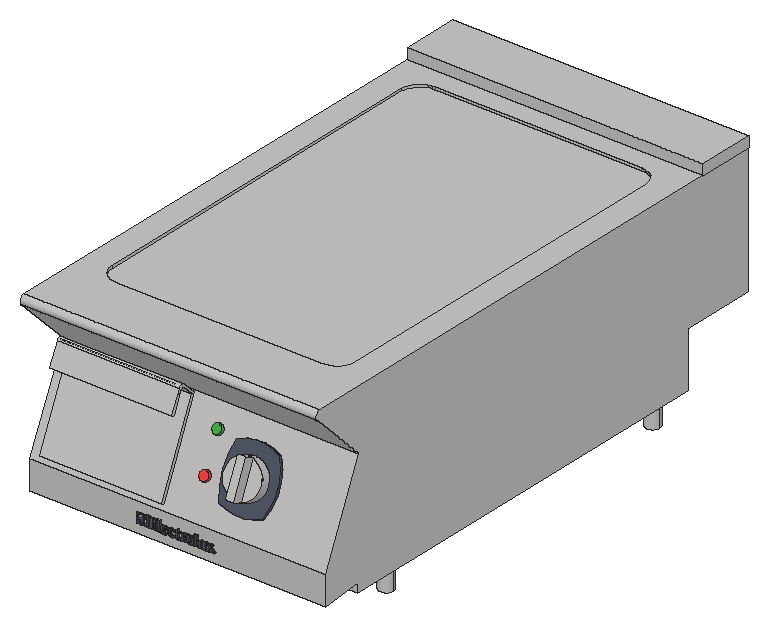
Revit family "QF_ELECTROLUXPROFESSIONAL_Professional_371328_E7IINDAOMCA", category Specialty Equipment, Revit 2018
Family settings
  Round Connector Dimension = Use Diameter
  Part Type = Normal
  Work Plane-Based = No
  Always vertical = Yes
  Cut with Voids When Loaded = No
  Shared = No
  Room Calculation Point = No
Parameters
  Width = 400.05 mm  # constant formula
  Weight in Pounds = 104  # constant formula
  Watts = 4200 VA  # 4200 W
  Volts = 400 V  # constant formula
  URL Cutsheet = "www.electrolux.com/foodservice"
  URL = "www.electrolux.com/foodservice"
  Type Mark [instance] = ""
  Status [instance] = ""
  Specification by User [instance] = ""
  Specification by Manufacturer = ""
  Show Logo [instance] = yes
  Show Clearance [instance] = yes
  Serial Number = ""
  Seismic Rating = ""
  SMACNA No = ""
  Revision Code [instance] = ""
  Phase = 3  # constant formula
  Omniclass Number and Title = ""
  Number of Poles [instance] = 1
  NAFEM Spec ID Number = ""
  Model = "371192"
  Min Ckt Ampacity = 0 A
  Max Overcurrent Protection = 0 A
  Masterspec = ""
  Manufacturer = "ELECTROLUX"
  Item Number [instance] = ""
  Installed By [instance] = ""
  Identify Quantity as Lot [instance] = yes
  Height = 289 mm  # constant formula
  HP = "5.6 HP"
  Furnished By [instance] = ""
  Foodservice Equipment Identifier [instance] = yes
  FL Amps = if(Phase = 3, Watts / (Volts * 1.73), Watts / Volts)  # 6.06936 A
  Electrical Remarks [instance] = "400 V/3N ph/50/60 Hz"  # constant formula
  Electric Connection Type [instance] = ""
  Elec Conn RI Height [instance] = 0 mm
  Elec Conn Connection Height [instance] = 0 mm
  Direct Waste Size = 0"
  Description = "700XP Half Module Electric Fry Top, Smooth Horizontal Plate, Mild Steel - 400V"
  Depth = 730.25 mm  # constant formula
  Cycle [instance] = if([60 Hertz Option], 60 Hz, 50 Hz)  # 60 Hz
  Conn Plug = ""
  Conn Conduit = yes
  CSI MasterFormat = ""
  CSI Master Format = ""
  Base Height [instance] = 25.4 mm  # constant formula
  Apparent Power = if(Phase = 3, Volts * FL Amps * 1.73, Volts * FL Amps)  # 4200 VA
  60 Hertz Option [instance] = not([50 Hertz Option])  # yes
  50 Hertz Option [instance] = no
Reference planes
  plane 1 "BACK": y = 0
  plane 2: z = 0
  plane 3 "LEFT": x = 0
  plane 4 "RIGHT": x = 400.05
  plane 5 "FRONT": y = -730.25
  plane 6 "TOP": z = 289
  plane 7 "Center Y": x = 200.025
  plane 8 "Center X": y = -365.125
  plane 9 "BASE": z = 25.4
  plane 10: y = -597.884
  plane 11: y = -147.637
Forms (mm)
  Extrusion 1, solid, material "QF_Finishes_Clearance", visible <- "Show Clearance", detail levels coarse
    sketch origin (0, 0, 0) x (1, 0, 0) y (0, 1, 0)
      loop
        line (0, -730.25) -> (0, 0) -> (400.05, 0) -> (400.05, -730.25) -> (550.069, -730.25) -> (550.069, 150.019) -> (-150.019, 150.019) -> (-150.019, -730.25) -> (0, -730.25)
    from 0 to 289
  Extrusion 2, solid, material "QF_Finishes_Stainless Steel"
    sketch origin (0, 0, 0) x (0, 1, 0) y (0, 0, 1)
      loop
        line (0, 275) -> (-723.497, 275)
        arc (-723.497, 275) -> (-729.729, 270.836) -> (-728.267, 263.485) r 6.745
        line (-728.267, 263.485) -> (-657.416, 192.634) -> (-713.772, 70.59) -> (-713.772, 32.49) -> (-660.4, 38.1) -> (-660.4, 25.4) -> (-101.6, 25.4) -> (-101.6, 100.012) -> (0, 100.012) -> (0, 275)
    from 0 to 400.05
  Extrusion 3, void
    sketch origin (0, -2.381, 275.4) x (-1, 0, 0) y (0, -1, 0)
      loop
        arc (-60.425, 102.504) -> (-42.464, 109.943) -> (-35.025, 127.904) r 25.4
        line (-35.025, 127.904) -> (-35.025, 617.104)
        arc (-35.025, 617.104) -> (-42.464, 635.064) -> (-60.425, 642.504) r 25.4
        line (-60.425, 642.504) -> (-339.625, 642.504)
        arc (-339.625, 642.504) -> (-357.586, 635.064) -> (-365.025, 617.104) r 25.4
        line (-365.025, 617.104) -> (-365.025, 127.904)
        arc (-365.025, 127.904) -> (-357.586, 109.943) -> (-339.625, 102.504) r 25.4
        line (-339.625, 102.504) -> (-60.425, 102.504)
    from 0 to -3.2
  Extrusion 4, solid, material "QF_Finishes_Stainless Steel"
    sketch origin (0, 0, 0) x (1, 0, 0) y (0, 1, 0)
      loop
        circle (11.112, -147.638) r 9.525
      loop
        circle (11.112, -597.884) r 9.525
      loop
        circle (388.937, -147.638) r 9.525
      loop
        circle (388.937, -597.884) r 9.525
    from 0 to 25.4
  Extrusion 5, solid, material "QF_Finishes_Navy Blue"
    sketch origin (115.456, -713.772, 70.59) x (0, 0.419232, 0.907879) y (-1, 0, 0)
      loop
        arc (102.26, -132.62) -> (66.843, -125.139) -> (31.333, -132.16) r 90.355
        arc (31.333, -132.16) -> (24.504, -161.269) -> (31.333, -190.378) r 65.456
        arc (31.333, -190.378) -> (66.877, -199.452) -> (102.26, -189.765) r 71.728
        arc (102.26, -189.765) -> (108.852, -161.193) -> (102.26, -132.62) r 65.22
    from 0 to 3.175
  Extrusion 6, solid, material "QF_Finishes_Stainless Steel"
    sketch origin (115.456, -717.486, 70.121) x (0, 0.419232, 0.907879) y (-1, 0, 0)
      loop
        circle (68.826, -160.963) r 25.4
    from 0 to 12.7
  Extrusion 7, solid, material "QF_Finishes_Stainless Steel"
    sketch origin (115.456, -729.016, 75.445) x (0, 0.419232, 0.907879) y (-1, 0, 0)
      loop
        arc (93.558, -166.749) -> (94.226, -160.963) -> (93.558, -155.177) r 25.4
        line (93.558, -155.177) -> (44.094, -155.177)
        arc (44.094, -155.177) -> (43.426, -160.963) -> (44.094, -166.749) r 25.4
        line (44.094, -166.749) -> (93.558, -166.749)
    from 0 to 12.7
  Extrusion 8, solid, material "QF_Finishes_Navy Blue", visible <- "Show Logo"
    sketch origin (-142.26, -713.772, 37.253) x (0, 0, 1) y (-1, 0, 0)
      loop
        line (20.674, -296.698) -> (8.307, -296.698)
        arc (8.307, -296.698) -> (14.491, -301.27) -> (20.674, -296.698) r 6.467
      loop
        arc (20.674, -296.069) -> (19.505, -290.926) -> (14.849, -288.448) r 6.338
        line (14.849, -288.448) -> (14.849, -290.494)
        arc (14.849, -290.494) -> (16.333, -294.149) -> (19.778, -296.069) r 5.941
        line (19.778, -296.069) -> (20.674, -296.069)
      loop
        arc (9.203, -296.069) -> (12.648, -294.149) -> (14.132, -290.494) r 5.941
        line (14.132, -290.494) -> (14.132, -288.448)
        arc (14.132, -288.448) -> (9.438, -290.922) -> (8.148, -296.069) r 6.504
        line (8.148, -296.069) -> (9.203, -296.069)
      loop
        line (21.349, -287.979) -> (7.604, -287.979) -> (7.604, -301.742) -> (21.349, -301.742) -> (21.349, -287.979)
      loop
        arc (21.432, -304.71) -> (21.085, -304.352) -> (20.718, -304.69) r 0.358
        arc (20.718, -304.69) -> (20.404, -305.44) -> (19.687, -305.825) r 1.216
        line (19.687, -305.825) -> (9.274, -305.825)
        arc (9.274, -305.825) -> (8.614, -305.548) -> (8.218, -304.951) r 1.238
        arc (8.218, -304.951) -> (7.823, -304.7) -> (7.518, -305.054) r 0.358
        line (7.518, -305.054) -> (7.518, -314.933) -> (10.269, -314.933) -> (10.269, -314.036)
        arc (10.269, -314.036) -> (9.36, -313.456) -> (8.904, -312.479) r 1.928
        line (8.904, -312.479) -> (8.904, -309.98)
        arc (8.904, -309.98) -> (9.18, -309.251) -> (9.868, -308.887) r 1.101
        line (9.868, -308.887) -> (13.955, -308.887) -> (13.955, -312.561)
        arc (13.955, -312.561) -> (13.602, -313.058) -> (13.037, -313.286) r 1.083
        arc (13.037, -313.286) -> (12.773, -313.591) -> (13.065, -313.869) r 0.292
        line (13.065, -313.869) -> (16.028, -313.869)
        arc (16.028, -313.869) -> (16.33, -313.596) -> (16.092, -313.266) r 0.305
        arc (16.092, -313.266) -> (15.601, -313.018) -> (15.296, -312.561) r 1.083
        line (15.296, -312.561) -> (15.296, -308.887) -> (19.973, -308.887) -> (19.973, -312.635)
        arc (19.973, -312.635) -> (19.759, -313.39) -> (19.153, -313.888) r 1.314
        arc (19.153, -313.888) -> (18.934, -314.292) -> (19.288, -314.585) r 0.361
        line (19.288, -314.585) -> (21.432, -314.585) -> (21.432, -304.71)
      loop
        arc (20.715, -315.365) -> (20.335, -316.284) -> (19.416, -316.664) r 1.299
        line (19.416, -316.664) -> (9.837, -316.664)
        arc (9.837, -316.664) -> (8.999, -316.286) -> (8.728, -315.408) r 1.118
        line (8.728, -315.408) -> (7.518, -315.408) -> (7.518, -320.758) -> (8.706, -320.758)
        arc (8.706, -320.758) -> (8.978, -319.841) -> (9.848, -319.445) r 1.153
        line (9.848, -319.445) -> (21.92, -319.445) -> (20.715, -315.365)
      loop
        line (12.483, -323.394) -> (12.483, -329.842) -> (13.282, -329.842)
        arc (13.282, -329.842) -> (15.862, -328.857) -> (17.131, -326.404) r 3.874
        line (17.131, -326.404) -> (17.131, -324.643)
        arc (17.131, -324.643) -> (15.944, -321.778) -> (13.08, -320.592) r 4.051
        line (13.08, -320.592) -> (11.072, -320.592)
        arc (11.072, -320.592) -> (8.253, -322.077) -> (7.202, -325.084) r 4.352
        arc (7.202, -325.084) -> (7.566, -327.547) -> (8.943, -329.621) r 5.713
        line (8.943, -329.621) -> (9.892, -329.621)
        arc (9.892, -329.621) -> (9.16, -328.052) -> (8.943, -326.334) r 5.579
        arc (8.943, -326.334) -> (9.737, -324.371) -> (11.616, -323.394) r 3.057
        line (11.616, -323.394) -> (12.483, -323.394)
      loop
        line (13.742, -323.394) -> (13.742, -326.977)
        arc (13.742, -326.977) -> (15.199, -327.024) -> (16.082, -325.864) r 1.59
        line (16.082, -325.864) -> (16.082, -325.034)
        arc (16.082, -325.034) -> (15.217, -323.779) -> (13.742, -323.394) r 2.184
      loop
        arc (16.533, -339.259) -> (17.022, -337.585) -> (17.179, -335.848) r 9.023
        line (17.179, -335.848) -> (17.179, -334.486)
        arc (17.179, -334.486) -> (16.02, -331.686) -> (13.22, -330.527) r 3.959
        line (13.22, -330.527) -> (10.62, -330.527)
        arc (10.62, -330.527) -> (8.338, -331.819) -> (7.221, -334.192) r 4.331
        line (7.221, -334.192) -> (7.221, -336.327)
        arc (7.221, -336.327) -> (7.729, -337.877) -> (8.651, -339.223) r 5.772
        arc (8.651, -339.223) -> (9.412, -339.274) -> (9.499, -338.515) r 0.553
        arc (9.499, -338.515) -> (9.111, -337.781) -> (8.977, -336.962) r 2.573
        line (8.977, -336.962) -> (8.977, -335.447)
        arc (8.977, -335.447) -> (9.983, -333.806) -> (11.798, -333.163) r 2.884
        line (11.798, -333.163) -> (13.077, -333.163)
        arc (13.077, -333.163) -> (14.898, -333.723) -> (15.824, -335.388) r 2.554
        line (15.824, -335.388) -> (15.824, -336.441)
        arc (15.824, -336.441) -> (15.493, -337.369) -> (14.836, -338.104) r 2.564
        arc (14.836, -338.104) -> (14.614, -338.821) -> (15.223, -339.259) r 0.643
        line (15.223, -339.259) -> (16.533, -339.259)
      loop
        line (15.515, -339.53) -> (15.515, -341.031) -> (9.467, -341.031)
        arc (9.467, -341.031) -> (7.879, -341.688) -> (7.221, -343.276) r 2.246
        line (7.221, -343.276) -> (7.221, -344.86)
        arc (7.221, -344.86) -> (7.535, -345.725) -> (8.035, -346.496) r 4.06
        arc (8.035, -346.496) -> (8.768, -346.629) -> (9.019, -345.928) r 0.576
        arc (9.019, -345.928) -> (8.913, -345.403) -> (8.977, -344.87) r 1.69
        arc (8.977, -344.87) -> (9.519, -344.082) -> (10.425, -343.779) r 1.506
        line (10.425, -343.779) -> (15.563, -343.779) -> (15.563, -346.176) -> (16.119, -346.733) -> (16.941, -346.733) -> (16.941, -343.873) -> (20.172, -343.873) -> (15.515, -339.53)
      loop
        line (7.438, -347.63) -> (7.438, -353.017) -> (8.548, -353.017)
        arc (8.548, -353.017) -> (8.942, -352.066) -> (9.893, -351.672) r 1.345
        line (9.893, -351.672) -> (13.509, -351.672)
        arc (13.509, -351.672) -> (14.274, -352.264) -> (14.564, -353.186) r 1.615
        line (14.564, -353.186) -> (14.564, -354.742) -> (17.119, -355.427) -> (17.119, -354.044) -> (15.177, -351.485) -> (17.057, -351.485) -> (16.773, -348.779)
        arc (16.773, -348.779) -> (16.333, -348.249) -> (15.674, -348.45) r 0.621
        arc (15.674, -348.45) -> (15.274, -348.792) -> (14.78, -348.975) r 1.501
        line (14.78, -348.975) -> (9.893, -348.975)
        arc (9.893, -348.975) -> (8.942, -348.581) -> (8.548, -347.63) r 1.345
        line (8.548, -347.63) -> (7.438, -347.63)
      loop
        line (13.54, -354.964) -> (10.848, -354.964)
        arc (10.848, -354.964) -> (8.403, -356.272) -> (7.269, -358.803) r 4.288
        arc (7.269, -358.803) -> (7.205, -360.183) -> (7.269, -361.563) r 15.022
        arc (7.269, -361.563) -> (8.403, -364.094) -> (10.848, -365.401) r 4.288
        line (10.848, -365.401) -> (13.54, -365.401)
        arc (13.54, -365.401) -> (15.986, -364.094) -> (17.119, -361.563) r 4.288
        arc (17.119, -361.563) -> (17.183, -360.183) -> (17.119, -358.803) r 15.022
        arc (17.119, -358.803) -> (15.986, -356.272) -> (13.54, -354.964) r 4.288
      loop
        line (13.745, -358.078) -> (10.643, -358.078)
        arc (10.643, -358.078) -> (8.486, -360.235) -> (10.643, -362.392) r 2.157
        line (10.643, -362.392) -> (13.745, -362.392)
        arc (13.745, -362.392) -> (15.902, -360.235) -> (13.745, -358.078) r 2.157
      loop
        arc (20.726, -365.26) -> (20.355, -366.154) -> (19.461, -366.524) r 1.264
        line (19.461, -366.524) -> (9.597, -366.524)
        arc (9.597, -366.524) -> (8.727, -366.127) -> (8.455, -365.211) r 1.153
        line (8.455, -365.211) -> (7.518, -365.211) -> (7.518, -370.319) -> (8.446, -370.319)
        arc (8.446, -370.319) -> (8.805, -369.547) -> (9.597, -369.232) r 1.153
        line (9.597, -369.232) -> (21.92, -369.232) -> (20.726, -365.26)
      loop
        arc (15.846, -369.857) -> (15.647, -370.921) -> (14.678, -371.403) r 1.215
        line (14.678, -371.403) -> (9.658, -371.403)
        arc (9.658, -371.403) -> (8.043, -372.051) -> (7.322, -373.634) r 2.338
        line (7.322, -373.634) -> (7.322, -375.148)
        arc (7.322, -375.148) -> (7.497, -376.152) -> (7.999, -377.038) r 2.979
        line (7.999, -377.038) -> (7.518, -378.835) -> (7.518, -380.524) -> (16.943, -380.524) -> (16.649, -376.32) -> (15.863, -376.32)
        arc (15.863, -376.32) -> (15.507, -377.156) -> (14.755, -377.665) r 1.605
        line (14.755, -377.665) -> (9.652, -377.665)
        arc (9.652, -377.665) -> (9.232, -376.728) -> (9.159, -375.704) r 2.94
        arc (9.159, -375.704) -> (9.72, -374.603) -> (10.873, -374.16) r 1.724
        line (10.873, -374.16) -> (17.07, -374.16) -> (15.846, -369.857)
      loop
        line (16.874, -381.377) -> (15.202, -383.423) -> (12.028, -385.729) -> (8.572, -382.617)
        arc (8.572, -382.617) -> (8.335, -382.223) -> (8.357, -381.764) r 0.789
        line (8.357, -381.764) -> (7.518, -381.764) -> (7.518, -385.309) -> (8.344, -385.309)
        arc (8.344, -385.309) -> (8.686, -384.947) -> (9.176, -385.039) r 0.52
        line (9.176, -385.039) -> (10.976, -386.51) -> (8.858, -387.886)
        arc (8.858, -387.886) -> (8.457, -387.576) -> (8.37, -387.076) r 0.7
        line (8.37, -387.076) -> (7.518, -387.076) -> (7.518, -393.003) -> (8.405, -393.003)
        arc (8.405, -393.003) -> (8.472, -392.344) -> (8.866, -391.813) r 1.247
        line (8.866, -391.813) -> (13.066, -388.532) -> (15.513, -390.585) -> (16.874, -392.327) -> (16.874, -388.604) -> (15.389, -389.026) -> (13.868, -387.749) -> (15.568, -386.559) -> (16.874, -387.336) -> (16.874, -381.377)
    from 0 to 1.644
  Extrusion 9, solid, material "QF_Finishes_Stainless Steel"
    sketch origin (0, -101.6, 100.012) x (0, 0, -1) y (-1, 0, 0)
      loop
        circle (39.612, -348.05) r 12.7
    from 0 to 3.175
  Extrusion 10, solid, material "QF_Finishes_Stainless Steel"
    sketch origin (0, 0, 0) x (0, 1, 0) y (0, 0, 1)
      loop
        line (-658.831, 189.959) -> (-675.238, 206.366)
        arc (-675.238, 206.366) -> (-679.705, 207.768) -> (-683.409, 204.904) r 5.058
        line (-683.409, 204.904) -> (-696.071, 177.394) -> (-693.187, 176.066) -> (-680.525, 203.576)
        arc (-680.525, 203.576) -> (-679.146, 204.643) -> (-677.483, 204.121) r 1.883
        line (-677.483, 204.121) -> (-662.64, 189.278) -> (-713.474, 78.833) -> (-710.589, 77.505) -> (-658.831, 189.959)
    from 12.7 to 177.8
  Extrusion 11, solid, material "QF_Finishes_Drawer Clearance", visible <- "Show Clearance", detail levels coarse
    sketch origin (0, -101.6, 0) x (0, 1, 0) y (0, 0, 1)
      loop
        line (-660.751, 176.066) -> (-648.089, 203.576)
        arc (-648.089, 203.576) -> (-646.71, 204.643) -> (-645.046, 204.121) r 1.883
        line (-645.046, 204.121) -> (-630.204, 189.278) -> (-681.037, 78.833) -> (-678.153, 77.505) -> (-608.989, 77.505) -> (-557.231, 189.959) -> (-573.638, 206.366)
        arc (-573.638, 206.366) -> (-574.873, 207.273) -> (-576.323, 207.768) r 5.058
        line (-576.323, 207.768) -> (-647.269, 207.768)
        arc (-647.269, 207.768) -> (-649.472, 206.79) -> (-650.973, 204.904) r 5.058
        line (-650.973, 204.904) -> (-663.635, 177.394) -> (-660.751, 176.066)
    from 12.7 to 177.8
  Extrusion 12, solid, material "QF_Finishes_Green"
    sketch origin (129.198, -709.817, 79.155) x (0, 0.419232, 0.907879) y (-1, 0, 0)
      loop
        circle (94.749, -90.848) r 6.35
    from 0 to 3.175
  Extrusion 13, solid, material "QF_Finishes_Red"
    sketch origin (129.198, -731.78, 31.593) x (0, 0.419232, 0.907879) y (-1, 0, 0)
      loop
        circle (95.112, -90.848) r 6.35
    from 0 to 3.175
  Extrusion 14, solid, material "QF_Finishes_Stainless Steel"
    sketch origin (0, 0, 0) x (0, 1, 0) y (0, 0, 1)
      loop
        line (0, 274.638) -> (0, 288.925) -> (-76.2, 288.925) -> (-76.2, 274.638) -> (0, 274.638)
    from 0 to 400.05
Cuts and joins
  Extrusion 3 cuts Extrusion 1
  Extrusion 3 cuts Extrusion 2
Lines and regions (mm)
  symbolic lines, style "QF-Clearances", visible <- "Show Clearance", detail levels coarse
    curve 1: line (-150.019, 150.019, 276.225) -> (-150.019, -730.25, 276.225)
    curve 2: line (550.069, 150.019, 276.225) -> (-150.019, 150.019, 276.225)
    curve 3: line (550.069, -730.25, 276.225) -> (550.069, 150.019, 276.225)
  symbolic lines
    curve 4: line (0, 0, 276.225) -> (400.05, 0, 276.225)
    curve 5: line (0, -730.25, 276.225) -> (0, 0, 276.225)
    curve 6: line (400.05, 0, 276.225) -> (400.05, -730.25, 276.225)
    curve 7: line (35.025, -130.285, 276.225) -> (35.025, -619.485, 276.225)
    curve 8: arc (35.025, -619.485, 276.225) -> (42.464, -637.445, 276.225) -> (60.425, -644.885, 276.225) r 25.4
    curve 9: arc (339.625, -644.885, 276.225) -> (357.586, -637.445, 276.225) -> (365.025, -619.485, 276.225) r 25.4
    curve 10: line (365.025, -619.485, 276.225) -> (365.025, -130.285, 276.225)
    curve 11: line (339.625, -104.885, 276.225) -> (60.425, -104.885, 276.225)
    curve 12: line (0, -69.85, 276.225) -> (400.05, -69.85, 276.225)
    curve 13: line (400.05, -730.25, 276.225) -> (0, -730.25, 276.225)
    curve 14: arc (60.425, -104.885, 276.225) -> (42.464, -112.324, 276.225) -> (35.025, -130.285, 276.225) r 25.4
    curve 15: arc (339.625, -104.885, 276.225) -> (357.586, -112.324, 276.225) -> (365.025, -130.285, 276.225) r 25.4
    curve 16: line (60.425, -644.885, 276.225) -> (339.625, -644.885, 276.225)
  symbolic lines, style "QF_Drawer Clearance", visible <- "Show Clearance", detail levels coarse
    curve 17: line (12.7, -730.25, 276.225) -> (12.7, -782.637, 276.225)
    curve 18: line (12.7, -782.637, 276.225) -> (177.8, -782.637, 276.225)
    curve 19: line (177.8, -782.637, 276.225) -> (177.8, -730.25, 276.225)
Dimensions and locks
  equal spacing: plane 3 "LEFT", plane 7 "Center Y", plane 4 "RIGHT"
  "Width": plane 3 "LEFT" to plane 4 "RIGHT"
  equal spacing: plane 5 "FRONT", plane 8 "Center X", plane 1 "BACK"
  "Depth": plane 5 "FRONT" to plane 1 "BACK"
  plane 1 "BACK" to plane 5 "FRONT" = 730.25 mm
  "Base Height": plane 9 "BASE" to level
  plane 9 "BASE" to level = 25.4 mm
  "Height": plane 6 "TOP" to level
  plane 4 "RIGHT" to Extrusion 9 sketch curve = 52 mm
  Extrusion 9 sketch curve to plane 9 "BASE" = 35 mm
  aligned and locked: level to plane 2
  aligned and locked: plane 6 "TOP" to Extrusion 1
Automatic sketch dimensions
  plane 1 "BACK" to Extrusion 1 sketch curve = 0 mm
  Extrusion 1 sketch curve to plane 3 "LEFT" = 0 mm
  Extrusion 1 sketch curve to plane 4 "RIGHT" = 0 mm
  Extrusion 1 sketch curve to plane 3 "LEFT" = 150.019 mm
  plane 5 "FRONT" to Extrusion 1 sketch curve = 0 mm  (x2)
  plane 4 "RIGHT" to Extrusion 1 sketch curve = 150.019 mm
  Extrusion 1 sketch curve to plane 1 "BACK" = 150.019 mm
  Extrusion 3 sketch curve to plane 4 "RIGHT" = 35.025 mm
  Extrusion 3 sketch curve to Extrusion 3 sketch curve = 25.4 mm  (x3)
  Extrusion 3 sketch curve to plane 11 = 17.353 mm
  plane 3 "LEFT" to Extrusion 3 sketch curve = 60.425 mm  (x2)
  plane 10 to Extrusion 3 sketch curve = 21.6 mm
  plane 10 to Extrusion 4 sketch curve = 0 mm  (x2)
  plane 11 to Extrusion 4 sketch curve = 0 mm  (x2)
  plane 3 "LEFT" to Extrusion 4 sketch curve = 11.112 mm  (x2)
  Extrusion 4 sketch curve to plane 4 "RIGHT" = 11.113 mm  (x2)
  Extrusion 5 sketch curve to Extrusion 2 = 31.333 mm  (x2)
  Extrusion 5 sketch curve to Extrusion 5 sketch curve = 12.3 mm  (x3)
  Extrusion 5 sketch curve to Extrusion 5 sketch curve = 34.925 mm  (x2)
  Extrusion 5 sketch curve to Extrusion 5 sketch curve = 23.703 mm
  Extrusion 2 to Extrusion 5 sketch curve = 69.101 mm
  Extrusion 5 sketch curve to Extrusion 5 sketch curve = 25.114 mm
  Extrusion 5 sketch curve to Extrusion 5 sketch curve = 25.727 mm
  Extrusion 5 sketch curve to Extrusion 5 sketch curve = 28.496 mm
  Extrusion 7 sketch curve to Extrusion 7 sketch curve = 24.732 mm
  Extrusion 7 sketch curve to Extrusion 7 sketch curve = 0 mm
  Extrusion 8 sketch curve to Extrusion 2 = 6.923 mm
  Extrusion 8 sketch curve to Extrusion 2 = 11.964 mm
  Extrusion 8 sketch curve to Extrusion 2 = 11.983 mm
  Extrusion 8 sketch curve to Extrusion 8 sketch curve = 0 mm  (x28)
  Extrusion 8 sketch curve to Extrusion 8 sketch curve = 5.108 mm  (x2)
  Extrusion 8 sketch curve to Extrusion 2 = 12.085 mm
  Extrusion 8 sketch curve to Extrusion 8 sketch curve = 0.218 mm
  Extrusion 8 sketch curve to Extrusion 8 sketch curve = 0.195 mm
  Extrusion 8 sketch curve to Extrusion 8 sketch curve = 0.249 mm
  Extrusion 8 sketch curve to Extrusion 2 = 12.28 mm
  Extrusion 8 sketch curve to Extrusion 8 sketch curve = 0.087 mm
  Extrusion 8 sketch curve to Extrusion 8 sketch curve = 0.358 mm
  Extrusion 8 sketch curve to Extrusion 8 sketch curve = 0.481 mm
  Extrusion 8 sketch curve to Extrusion 8 sketch curve = 0.597 mm
  Extrusion 8 sketch curve to Extrusion 8 sketch curve = 0.544 mm
  Extrusion 8 sketch curve to Extrusion 8 sketch curve = 0.936 mm
  Extrusion 8 sketch curve to Extrusion 8 sketch curve = 0.594 mm
  Extrusion 8 sketch curve to Extrusion 8 sketch curve = 0.343 mm
  Extrusion 8 sketch curve to Extrusion 8 sketch curve = 0.159 mm
  Extrusion 8 sketch curve to Extrusion 8 sketch curve = 0.826 mm
  Extrusion 8 sketch curve to Extrusion 8 sketch curve = 0.839 mm
  Extrusion 8 sketch curve to Extrusion 8 sketch curve = 0.852 mm
  Extrusion 8 sketch curve to Extrusion 8 sketch curve = 0.887 mm
  Extrusion 8 sketch curve to Extrusion 8 sketch curve = 0.928 mm
  Extrusion 8 sketch curve to Extrusion 8 sketch curve = 0.938 mm
  Extrusion 8 sketch curve to Extrusion 8 sketch curve = 0.444 mm
  Extrusion 8 sketch curve to Extrusion 8 sketch curve = 1.11 mm  (x3)
  Extrusion 8 sketch curve to Extrusion 8 sketch curve = 0.215 mm
  Extrusion 8 sketch curve to Extrusion 8 sketch curve = 1.43 mm
  Extrusion 8 sketch curve to Extrusion 8 sketch curve = 1.188 mm
  Extrusion 8 sketch curve to Extrusion 8 sketch curve = 1.21 mm  (x2)
  Extrusion 8 sketch curve to Extrusion 8 sketch curve = 0.503 mm
  Extrusion 8 sketch curve to Extrusion 8 sketch curve = 0.488 mm
  Extrusion 8 sketch curve to Extrusion 8 sketch curve = 0.462 mm
  Extrusion 8 sketch curve to Extrusion 8 sketch curve = 1.386 mm
  Extrusion 8 sketch curve to Extrusion 8 sketch curve = 1.742 mm  (x2)
  Extrusion 8 sketch curve to Extrusion 8 sketch curve = 0.821 mm
  Extrusion 8 sketch curve to Extrusion 8 sketch curve = 0.497 mm
  Extrusion 8 sketch curve to Extrusion 8 sketch curve = 0.539 mm
  Extrusion 8 sketch curve to Extrusion 8 sketch curve = 0.686 mm
  Extrusion 8 sketch curve to Extrusion 8 sketch curve = 0.408 mm
  Extrusion 8 sketch curve to Extrusion 8 sketch curve = 0.743 mm
  Extrusion 8 sketch curve to Extrusion 8 sketch curve = 1.16 mm
  Extrusion 8 sketch curve to Extrusion 8 sketch curve = 0.329 mm
  Extrusion 8 sketch curve to Extrusion 8 sketch curve = 1.054 mm
  Extrusion 8 sketch curve to Extrusion 8 sketch curve = 1.056 mm
  Extrusion 8 sketch curve to Extrusion 8 sketch curve = 0.129 mm
  Extrusion 8 sketch curve to Extrusion 8 sketch curve = 0.489 mm
  Extrusion 8 sketch curve to Extrusion 8 sketch curve = 0.441 mm
  Extrusion 8 sketch curve to Extrusion 8 sketch curve = 1.151 mm
  Extrusion 8 sketch curve to Extrusion 8 sketch curve = 1.141 mm  (x2)
  Extrusion 8 sketch curve to Extrusion 8 sketch curve = 0.768 mm
  Extrusion 8 sketch curve to Extrusion 8 sketch curve = 1.653 mm
  Extrusion 8 sketch curve to Extrusion 8 sketch curve = 0.499 mm
  Extrusion 8 sketch curve to Extrusion 8 sketch curve = 0.964 mm
  Extrusion 8 sketch curve to Extrusion 8 sketch curve = 0.949 mm
  Extrusion 8 sketch curve to Extrusion 8 sketch curve = 1.345 mm  (x3)
  Extrusion 8 sketch curve to Extrusion 8 sketch curve = 1.101 mm
  Extrusion 8 sketch curve to Extrusion 8 sketch curve = 0.432 mm
  Extrusion 8 sketch curve to Extrusion 8 sketch curve = 1.142 mm
  Extrusion 8 sketch curve to Extrusion 8 sketch curve = 0.959 mm
  Extrusion 8 sketch curve to Extrusion 8 sketch curve = 0.176 mm
  Extrusion 8 sketch curve to Extrusion 8 sketch curve = 0.728 mm
  Extrusion 8 sketch curve to Extrusion 8 sketch curve = 3.375 mm  (x2)
  Extrusion 8 sketch curve to Extrusion 8 sketch curve = 0.541 mm
  Extrusion 8 sketch curve to Extrusion 8 sketch curve = 0.955 mm
  Extrusion 8 sketch curve to Extrusion 8 sketch curve = 1.251 mm
  Extrusion 8 sketch curve to Extrusion 8 sketch curve = 0.572 mm
  Extrusion 8 sketch curve to Extrusion 8 sketch curve = 1.92 mm
  Extrusion 8 sketch curve to Extrusion 8 sketch curve = 1.224 mm
  Extrusion 8 sketch curve to Extrusion 8 sketch curve = 0.745 mm
  Extrusion 8 sketch curve to Extrusion 8 sketch curve = 2.537 mm
  Extrusion 8 sketch curve to Extrusion 8 sketch curve = 0.896 mm  (x3)
  Extrusion 8 sketch curve to Extrusion 8 sketch curve = 0.036 mm
  Extrusion 8 sketch curve to Extrusion 8 sketch curve = 2.607 mm
  Extrusion 8 sketch curve to Extrusion 8 sketch curve = 0.066 mm
  Extrusion 8 sketch curve to Extrusion 8 sketch curve = 0.248 mm
  Extrusion 8 sketch curve to Extrusion 8 sketch curve = 0.449 mm
  Extrusion 8 sketch curve to Extrusion 8 sketch curve = 1.052 mm
  Extrusion 8 sketch curve to Extrusion 8 sketch curve = 1.863 mm
  Extrusion 8 sketch curve to Extrusion 8 sketch curve = 1.31 mm  (x2)
  Extrusion 8 sketch curve to Extrusion 8 sketch curve = 0.901 mm
  Extrusion 8 sketch curve to Extrusion 8 sketch curve = 1.107 mm
  Extrusion 8 sketch curve to Extrusion 8 sketch curve = 2.122 mm
  Extrusion 8 sketch curve to Extrusion 8 sketch curve = 2.101 mm
  Extrusion 8 sketch curve to Extrusion 8 sketch curve = 0.106 mm
  Extrusion 8 sketch curve to Extrusion 8 sketch curve = 0.029 mm
  Extrusion 8 sketch curve to Extrusion 8 sketch curve = 2.09 mm
  Extrusion 8 sketch curve to Extrusion 8 sketch curve = 1.279 mm
  Extrusion 8 sketch curve to Extrusion 8 sketch curve = 2.008 mm
  Extrusion 8 sketch curve to Extrusion 8 sketch curve = 0.738 mm
  Extrusion 8 sketch curve to Extrusion 8 sketch curve = 0.382 mm
  Extrusion 8 sketch curve to Extrusion 8 sketch curve = 0.384 mm
  Extrusion 8 sketch curve to Extrusion 8 sketch curve = 0.002 mm
  Extrusion 8 sketch curve to Extrusion 8 sketch curve = 0.561 mm
  Extrusion 8 sketch curve to Extrusion 8 sketch curve = 0.592 mm
  Extrusion 8 sketch curve to Extrusion 8 sketch curve = 2.692 mm
  Extrusion 8 sketch curve to Extrusion 8 sketch curve = 1.259 mm
  Extrusion 8 sketch curve to Extrusion 8 sketch curve = 0.802 mm
  Extrusion 8 sketch curve to Extrusion 8 sketch curve = 1.024 mm
  Extrusion 8 sketch curve to Extrusion 8 sketch curve = 0.682 mm
  Extrusion 8 sketch curve to Extrusion 8 sketch curve = 5.934 mm
  Extrusion 8 sketch curve to Extrusion 8 sketch curve = 2.186 mm
  Extrusion 8 sketch curve to Extrusion 8 sketch curve = 0.337 mm
  Extrusion 8 sketch curve to Extrusion 8 sketch curve = 0.021 mm
  Extrusion 8 sketch curve to Extrusion 8 sketch curve = 1.005 mm
  Extrusion 8 sketch curve to Extrusion 8 sketch curve = 0.552 mm
  Extrusion 8 sketch curve to Extrusion 8 sketch curve = 0.778 mm
  Extrusion 8 sketch curve to Extrusion 8 sketch curve = 0.063 mm
  Extrusion 8 sketch curve to Extrusion 8 sketch curve = 1.023 mm
  Extrusion 8 sketch curve to Extrusion 8 sketch curve = 3.804 mm
  Extrusion 8 sketch curve to Extrusion 8 sketch curve = 0.486 mm
  Extrusion 8 sketch curve to Extrusion 8 sketch curve = 0.266 mm
  Extrusion 8 sketch curve to Extrusion 8 sketch curve = 1.547 mm
  Extrusion 8 sketch curve to Extrusion 8 sketch curve = 0.717 mm  (x2)
  Extrusion 8 sketch curve to Extrusion 8 sketch curve = 1.667 mm
  Extrusion 8 sketch curve to Extrusion 8 sketch curve = 3.174 mm
  Extrusion 8 sketch curve to Extrusion 8 sketch curve = 0.388 mm
  Extrusion 8 sketch curve to Extrusion 8 sketch curve = 1.342 mm
  Extrusion 8 sketch curve to Extrusion 8 sketch curve = 1.521 mm
  Extrusion 8 sketch curve to Extrusion 8 sketch curve = 0.124 mm
  Extrusion 8 sketch curve to Extrusion 8 sketch curve = 0.291 mm
  Extrusion 8 sketch curve to Extrusion 8 sketch curve = 1.049 mm  (x2)
  Extrusion 8 sketch curve to Extrusion 8 sketch curve = 1.7 mm
  Extrusion 8 sketch curve to Extrusion 8 sketch curve = 0.894 mm
  Extrusion 8 sketch curve to Extrusion 8 sketch curve = 0.989 mm
  Extrusion 8 sketch curve to Extrusion 8 sketch curve = 1.168 mm
  Extrusion 8 sketch curve to Extrusion 8 sketch curve = 1.594 mm
  Extrusion 8 sketch curve to Extrusion 8 sketch curve = 0.731 mm
  Extrusion 8 sketch curve to Extrusion 8 sketch curve = 1.566 mm
  Extrusion 8 sketch curve to Extrusion 8 sketch curve = 0.064 mm
  Extrusion 8 sketch curve to Extrusion 8 sketch curve = 0.556 mm  (x2)
  Extrusion 8 sketch curve to Extrusion 8 sketch curve = 0.48 mm
  Extrusion 8 sketch curve to Extrusion 8 sketch curve = 0.228 mm
  Extrusion 8 sketch curve to Extrusion 8 sketch curve = 1.018 mm
  Extrusion 8 sketch curve to Extrusion 8 sketch curve = 0.787 mm
  Extrusion 8 sketch curve to Extrusion 8 sketch curve = 0.618 mm
  Extrusion 8 sketch curve to Extrusion 8 sketch curve = 1.672 mm
  Extrusion 8 sketch curve to Extrusion 8 sketch curve = 1.361 mm
  Extrusion 8 sketch curve to Extrusion 8 sketch curve = 0.822 mm
  Extrusion 8 sketch curve to Extrusion 8 sketch curve = 0.069 mm
  Extrusion 8 sketch curve to Extrusion 8 sketch curve = 1.88 mm
  Extrusion 8 sketch curve to Extrusion 8 sketch curve = 0.42 mm
  Extrusion 8 sketch curve to Extrusion 8 sketch curve = 0.062 mm
  Extrusion 8 sketch curve to Extrusion 8 sketch curve = 1.355 mm
  Extrusion 8 sketch curve to Extrusion 8 sketch curve = 2.34 mm
  Extrusion 8 sketch curve to Extrusion 8 sketch curve = 0.493 mm
  Extrusion 8 sketch curve to Extrusion 8 sketch curve = 0.136 mm
  Extrusion 8 sketch curve to Extrusion 8 sketch curve = 0.128 mm
  Extrusion 8 sketch curve to Extrusion 8 sketch curve = 3.616 mm
  Extrusion 8 sketch curve to Extrusion 8 sketch curve = 4.207 mm
  Extrusion 8 sketch curve to Extrusion 8 sketch curve = 0.183 mm
  Extrusion 8 sketch curve to Extrusion 8 sketch curve = 0.895 mm
  Extrusion 8 sketch curve to Extrusion 8 sketch curve = 1.314 mm
  Extrusion 8 sketch curve to Extrusion 8 sketch curve = 3.231 mm
  Extrusion 8 sketch curve to Extrusion 8 sketch curve = 1.299 mm
  Extrusion 8 sketch curve to Extrusion 8 sketch curve = 1.214 mm
  Extrusion 8 sketch curve to Extrusion 8 sketch curve = 1.264 mm
  Extrusion 8 sketch curve to Extrusion 8 sketch curve = 0.109 mm
  Extrusion 8 sketch curve to Extrusion 8 sketch curve = 0.357 mm
  Extrusion 8 sketch curve to Extrusion 8 sketch curve = 0.565 mm
  Extrusion 8 sketch curve to Extrusion 8 sketch curve = 2.504 mm
  Extrusion 8 sketch curve to Extrusion 8 sketch curve = 2.459 mm
  Extrusion 2 to Extrusion 8 sketch curve = 149.307 mm
  Extrusion 8 sketch curve to Extrusion 8 sketch curve = 0.208 mm
  Extrusion 8 sketch curve to Extrusion 8 sketch curve = 0.468 mm  (x2)
  Extrusion 8 sketch curve to Extrusion 8 sketch curve = 1.559 mm
  Extrusion 8 sketch curve to Extrusion 8 sketch curve = 0.422 mm  (x2)
  Extrusion 8 sketch curve to Extrusion 8 sketch curve = 0.494 mm
  Extrusion 8 sketch curve to Extrusion 8 sketch curve = 3.927 mm
  Extrusion 8 sketch curve to Extrusion 8 sketch curve = 0.782 mm
  Extrusion 8 sketch curve to Extrusion 8 sketch curve = 1.268 mm
  Extrusion 8 sketch curve to Extrusion 8 sketch curve = 0.671 mm
  Extrusion 8 sketch curve to Extrusion 8 sketch curve = 0.777 mm
  Extrusion 8 sketch curve to Extrusion 8 sketch curve = 0.704 mm
  Extrusion 8 sketch curve to Extrusion 8 sketch curve = 0.781 mm  (x2)
  Extrusion 8 sketch curve to Extrusion 8 sketch curve = 1.634 mm
  Extrusion 8 sketch curve to Extrusion 8 sketch curve = 0.132 mm
  Extrusion 8 sketch curve to Extrusion 8 sketch curve = 3.136 mm
  Extrusion 8 sketch curve to Extrusion 8 sketch curve = 2.422 mm
  Extrusion 8 sketch curve to Extrusion 8 sketch curve = 0.586 mm
  Extrusion 8 sketch curve to Extrusion 8 sketch curve = 2.046 mm  (x2)
  Extrusion 8 sketch curve to Extrusion 8 sketch curve = 1.241 mm
  Extrusion 8 sketch curve to Extrusion 8 sketch curve = 1.689 mm
  Extrusion 8 sketch curve to Extrusion 8 sketch curve = 2.859 mm
  Extrusion 8 sketch curve to Extrusion 8 sketch curve = 0.627 mm
  Extrusion 8 sketch curve to Extrusion 8 sketch curve = 0.863 mm
  Extrusion 8 sketch curve to Extrusion 8 sketch curve = 0.419 mm
  Extrusion 8 sketch curve to Extrusion 8 sketch curve = 1.514 mm
  Extrusion 8 sketch curve to Extrusion 8 sketch curve = 1.019 mm
  Extrusion 8 sketch curve to Extrusion 8 sketch curve = 0.065 mm
  Extrusion 8 sketch curve to Extrusion 8 sketch curve = 1.215 mm
  Extrusion 8 sketch curve to Extrusion 8 sketch curve = 2.708 mm
  Extrusion 8 sketch curve to Extrusion 8 sketch curve = 1.122 mm
  Extrusion 8 sketch curve to Extrusion 8 sketch curve = 1.153 mm
  Extrusion 8 sketch curve to Extrusion 8 sketch curve = 3.009 mm
  Extrusion 8 sketch curve to Extrusion 8 sketch curve = 0.829 mm  (x2)
  Extrusion 8 sketch curve to Extrusion 8 sketch curve = 0.934 mm
  Extrusion 8 sketch curve to Extrusion 8 sketch curve = 3.376 mm
  Extrusion 8 sketch curve to Extrusion 8 sketch curve = 0.222 mm
  Extrusion 8 sketch curve to Extrusion 8 sketch curve = 1.383 mm
  Extrusion 8 sketch curve to Extrusion 8 sketch curve = 1.556 mm
  Extrusion 8 sketch curve to Extrusion 8 sketch curve = 2.559 mm
  Extrusion 8 sketch curve to Extrusion 8 sketch curve = 2.51 mm
  Extrusion 8 sketch curve to Extrusion 8 sketch curve = 0.131 mm
  Extrusion 8 sketch curve to Extrusion 8 sketch curve = 1.717 mm
  Extrusion 8 sketch curve to Extrusion 8 sketch curve = 1.134 mm
  Extrusion 8 sketch curve to Extrusion 8 sketch curve = 0.366 mm
  Extrusion 8 sketch curve to Extrusion 8 sketch curve = 0.094 mm
  Extrusion 8 sketch curve to Extrusion 8 sketch curve = 1.584 mm
  Extrusion 8 sketch curve to Extrusion 8 sketch curve = 1.501 mm
  Extrusion 8 sketch curve to Extrusion 8 sketch curve = 0.27 mm
  Extrusion 8 sketch curve to Extrusion 8 sketch curve = 1.808 mm
  Extrusion 8 sketch curve to Extrusion 8 sketch curve = 0.643 mm
  Extrusion 8 sketch curve to Extrusion 8 sketch curve = 0.916 mm
  Extrusion 8 sketch curve to Extrusion 8 sketch curve = 0.352 mm
  Extrusion 8 sketch curve to Extrusion 8 sketch curve = 0.458 mm
  Extrusion 8 sketch curve to Extrusion 8 sketch curve = 1.282 mm
  Extrusion 8 sketch curve to Extrusion 8 sketch curve = 1.363 mm
  Extrusion 8 sketch curve to Extrusion 8 sketch curve = 0.685 mm
  Extrusion 8 sketch curve to Extrusion 8 sketch curve = 0.905 mm
  Extrusion 8 sketch curve to Extrusion 8 sketch curve = 2.865 mm
  Extrusion 8 sketch curve to Extrusion 8 sketch curve = 0.472 mm
  Extrusion 8 sketch curve to Extrusion 8 sketch curve = 0.101 mm
  Extrusion 8 sketch curve to Extrusion 8 sketch curve = 0.54 mm
  Extrusion 8 sketch curve to Extrusion 8 sketch curve = 0.02 mm
  Extrusion 8 sketch curve to Extrusion 8 sketch curve = 0.582 mm
  Extrusion 8 sketch curve to Extrusion 8 sketch curve = 0.166 mm
  Extrusion 8 sketch curve to Extrusion 8 sketch curve = 0.16 mm
  Extrusion 8 sketch curve to Extrusion 8 sketch curve = 2.781 mm
  Extrusion 8 sketch curve to Extrusion 8 sketch curve = 1.118 mm
  Extrusion 8 sketch curve to Extrusion 8 sketch curve = 0.613 mm
  Extrusion 8 sketch curve to Extrusion 8 sketch curve = 0.361 mm
  Extrusion 8 sketch curve to Extrusion 8 sketch curve = 0.897 mm
  Extrusion 8 sketch curve to Extrusion 8 sketch curve = 0.167 mm
  Extrusion 8 sketch curve to Extrusion 8 sketch curve = 0.292 mm
  Extrusion 8 sketch curve to Extrusion 8 sketch curve = 0.305 mm
  Extrusion 8 sketch curve to Extrusion 8 sketch curve = 1.557 mm
  Extrusion 8 sketch curve to Extrusion 8 sketch curve = 2.499 mm
  Extrusion 8 sketch curve to Extrusion 8 sketch curve = 3.062 mm
  Extrusion 8 sketch curve to Extrusion 8 sketch curve = 2.968 mm
  Extrusion 8 sketch curve to Extrusion 8 sketch curve = 5.044 mm
  Extrusion 8 sketch curve to Extrusion 8 sketch curve = 0.629 mm  (x2)
  Extrusion 8 sketch curve to Extrusion 8 sketch curve = 1.131 mm
  Extrusion 8 sketch curve to Extrusion 8 sketch curve = 0.137 mm
  Extrusion 8 sketch curve to Extrusion 8 sketch curve = 0.027 mm
  Extrusion 8 sketch curve to Extrusion 8 sketch curve = 2.235 mm
  Extrusion 10 sketch curve to Extrusion 10 sketch curve = 0 mm  (x2)
  Extrusion 10 sketch curve to plane 5 "FRONT" = 16.776 mm
  Extrusion 10 sketch curve to Extrusion 10 sketch curve = 2.884 mm  (x3)
  Extrusion 10 sketch curve to plane 5 "FRONT" = 34.179 mm
  Extrusion 10 sketch curve to Extrusion 10 sketch curve = 12.662 mm
  Extrusion 10 sketch curve to Extrusion 10 sketch curve = 1.711 mm
  Extrusion 10 sketch curve to Extrusion 10 sketch curve = 1.332 mm
  Extrusion 10 sketch curve to Extrusion 10 sketch curve = 2.245 mm
  Extrusion 10 sketch curve to Extrusion 10 sketch curve = 14.843 mm
  Extrusion 10 sketch curve to Extrusion 10 sketch curve = 3.809 mm
  plane 9 "BASE" to Extrusion 10 sketch curve = 52.105 mm
  Extrusion 10 sketch curve to Extrusion 10 sketch curve = 1.327 mm  (x2)
  Extrusion 10 sketch curve to Extrusion 10 sketch curve = 13.211 mm
  Extrusion 10 sketch curve to Extrusion 10 sketch curve = 0.787 mm
  Extrusion 11 sketch curve to Extrusion 11 sketch curve = 0 mm  (x2)
  plane 5 "FRONT" to Extrusion 11 sketch curve = 52.387 mm
  Extrusion 11 sketch curve to Extrusion 11 sketch curve = 2.884 mm  (x3)
  plane 5 "FRONT" to Extrusion 11 sketch curve = 34.985 mm
  plane 5 "FRONT" to Extrusion 11 sketch curve = 22.323 mm
  Extrusion 11 sketch curve to Extrusion 11 sketch curve = 0.82 mm
  Extrusion 11 sketch curve to Extrusion 11 sketch curve = 1.711 mm
  Extrusion 11 sketch curve to Extrusion 11 sketch curve = 1.332 mm
  plane 5 "FRONT" to Extrusion 11 sketch curve = 1.554 mm
  Extrusion 11 sketch curve to plane 5 "FRONT" = 19.661 mm
  Extrusion 11 sketch curve to plane 5 "FRONT" = 51.436 mm
  Extrusion 11 sketch curve to Extrusion 11 sketch curve = 0.891 mm
  Extrusion 11 sketch curve to Extrusion 11 sketch curve = 2.686 mm
  Extrusion 11 sketch curve to Extrusion 11 sketch curve = 16.406 mm
  plane 9 "BASE" to Extrusion 11 sketch curve = 52.105 mm
  Extrusion 11 sketch curve to Extrusion 11 sketch curve = 1.327 mm  (x2)
  Extrusion 11 sketch curve to Extrusion 11 sketch curve = 13.211 mm
  Extrusion 11 sketch curve to Extrusion 11 sketch curve = 0.681 mm
  Extrusion 11 sketch curve to Extrusion 11 sketch curve = 0.787 mm
  Extrusion 11 sketch curve to Extrusion 11 sketch curve = 4.979 mm
  Extrusion 2 to Extrusion 12 sketch curve = 30.245 mm
  Extrusion 2 to Extrusion 12 sketch curve = 180.004 mm
  Extrusion 13 sketch curve to Extrusion 2 = 52.158 mm
  Extrusion 2 to Extrusion 13 sketch curve = 180.004 mm
  Extrusion 14 sketch curve to plane 1 "BACK" = 0 mm
  Extrusion 14 sketch curve to plane 6 "TOP" = 0.075 mm
  Extrusion 14 sketch curve to plane 11 = 71.438 mm
  Extrusion 14 sketch curve to Extrusion 14 sketch curve = 14.288 mm
  Extrusion 2 sketch curve to plane 9 "BASE" = 0 mm
  Extrusion 2 sketch curve to plane 1 "BACK" = 0 mm
  Extrusion 2 sketch curve to plane 11 = 46.038 mm
  plane 10 to Extrusion 2 sketch curve = 59.531 mm
  plane 9 "BASE" to Extrusion 2 sketch curve = 12.7 mm
  plane 10 to Extrusion 2 sketch curve = 62.516 mm
  Extrusion 2 sketch curve to plane 5 "FRONT" = 16.478 mm
  Extrusion 2 sketch curve to plane 5 "FRONT" = 6.753 mm
  Extrusion 2 sketch curve to plane 5 "FRONT" = 1.983 mm
  plane 9 "BASE" to Extrusion 2 sketch curve = 7.09 mm
  Extrusion 2 sketch curve to Extrusion 2 sketch curve = 38.1 mm
  plane 9 "BASE" to Extrusion 2 sketch curve = 74.612 mm
  Extrusion 2 sketch curve to plane 6 "TOP" = 96.366 mm
  Extrusion 2 sketch curve to plane 6 "TOP" = 25.515 mm
  Extrusion 2 sketch curve to Extrusion 2 sketch curve = 4.77 mm
  plane 5 "FRONT" to curve 3 = 0 mm
  curve 12 to plane 4 "RIGHT" = 0 mm
  plane 5 "FRONT" to curve 17 = 0 mm
  plane 1 "BACK" to curve 4 = 0 mm
  curve 4 to plane 3 "LEFT" = 0 mm
  plane 5 "FRONT" to curve 1 = 0 mm
  plane 4 "RIGHT" to curve 3 = 150.019 mm
  curve 15 to plane 4 "RIGHT" = 35.025 mm
  curve 15 to curve 15 = 25.4 mm
  curve 9 to curve 16 = 25.4 mm
  curve 19 to plane 7 "Center Y" = 22.225 mm
  plane 3 "LEFT" to curve 8 = 60.425 mm
  curve 14 to plane 11 = 17.353 mm
  plane 3 "LEFT" to curve 14 = 60.425 mm
  curve 8 to curve 8 = 25.4 mm
  plane 3 "LEFT" to curve 18 = 12.7 mm
  curve 5 to curve 1 = 150.019 mm
  curve 1 to plane 1 "BACK" = 150.019 mm
  curve 12 to curve 14 = 35.035 mm
  plane 10 to curve 10 = 21.6 mm
  curve 19 to curve 18 = 52.387 mm
  radius of Extrusion 4 sketch curve = 9.525 mm  (x4)
  radius of Extrusion 6 sketch curve = 25.4 mm
  radius of Extrusion 7 sketch curve to Extrusion 6 = 0 mm  (x2)
  radius of Extrusion 9 sketch curve = 12.7 mm
  radius of Extrusion 12 sketch curve = 6.35 mm
  radius of Extrusion 13 sketch curve = 6.35 mm
Connectors
  electrical at (348.05, -98.425, 60.4), driven by "Volts", driven by "Watts"
    settings: on Extrusion 9, index 1, voltage 400 V, apparent load 4200 VA, apparent load phase1 0 VA, apparent load phase2 0 VA, apparent load phase3 0 VA, power factor 1, load classification "Other", number of poles 1, system type 30, power factor state 1, is connector primary yes, connector utility no, sub classification motor no, connector description "ELectrical Connection"
